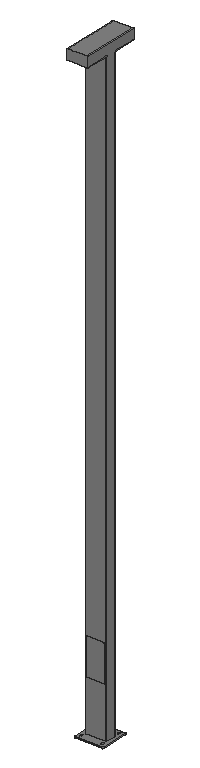
Revit family "Супремус В", category Осветительные приборы, Revit 2019 (continued)
Types (7, lengths in mm): name | Файл фотометрической сетки | built-in parameter 1150105 | Lumens | built-in parameter 1150106 | built-in parameter 1150142 | Wattage | L_общая рассеиватели | ADSK_Фактическая мощность | ADSK_Размер_Высота | ADSK_Номинальная мощность | ADSK_Наименование | ADSK_Масса_Текст | ADSK_Масса | ADSK_Артикул | 2
  ДТУ121с4 Светодиодный светильник Супремус-B ДТУ-121-AF-ДТУП1211(40Вт)+ДТУП1211(40Вт)-4,0 | "DTU-121-AF Supremus B 40W 60°x130°.ies" | 1233.9 (stored number, unit not read) | 8800 lm | 12.339 (stored number, unit not read) | "IESNA:LM-63-1995\r\n[TEST]\t\tALF\r\n[MANUFAC]\tALFRESCO\r\n[LUMCAT]\tDTU-121-AF\r\n[LUMINAIRE]\tDTU-121-AF Supremus B 40W 60°x130°\r\n[LAMP]\t\tOsram_Duris_S8\r\n[DATE]\t\t\r\n[OTHER]\t\t\r\nTILT=NONE\r\n1 3444.0 3.444 361 72 1 2 0.23 0.10 0.00\r\n1.0 1 28.0\r\n0.0 0.5 1.0 1.5 2.0 2.5 3.0 3.5 4.0 4.5 5.0 5.5 6.0 6.5 7.0 7.5 8.0 8.5 9.0 9.5 10.0 10.5 11.0 11.5 12.0 12.5 13.0 13.5 14.0 14.5\r\n 15.0 15.5 16.0 16.5 17.0 17.5 18.0 18.5 19.0 19.5 20.0 20.5 21.0 21.5 22.0 22.5 23.0 23.5 24.0 24.5 25.0 25.5 26.0 26.5 27.0 27.5\r\n 28.0 28.5 29.0 29.5 30.0 30.5 31.0 31.5 32.0 32.5 33.0 33.5 34.0 34.5 35.0 35.5 36.0 36.5 37.0 37.5 38.0 38.5 39.0 39.5 40.0 40.5\r\n 41.0 41.5 42.0 42.5 43.0 43.5 44.0 44.5 45.0 45.5 46.0 46.5 47.0 47.5 48.0 48.5 49.0 49.5 50.0 50.5 51.0 51.5 52.0 52.5 53.0 53.5\r\n 54.0 54.5 55.0 55.5 56.0 56.5 57.0 57.5 58.0 58.5 59.0 59.5 60.0 60.5 61.0 61.5 62.0 62.5 63.0 63.5 64.0 64.5 65.0 65.5 66.0 66.5\r\n 67.0 67.5 68.0 68.5 69.0 69.5 70.0 70.5 71.0 71.5 72.0 72.5 73.0 73.5 74.0 74.5 75.0 75.5 76.0 76.5 77.0 77.5 78.0 78.5 79.0 79.5\r\n 80.0 80.5 81.0 81.5 82.0 82.5 83.0 83.5 84.0 84.5 85.0 85.5 86.0 86.5 87.0 87.5 88.0 88.5 89.0 89.5 90.0 90.5 91.0 91.5 92.0 92.5\r\n 93.0 93.5 94.0 94.5 95.0 95.5 96.0 96.5 97.0 97.5 98.0 98.5 99.0 99.5 100.0 100.5 101.0 101.5 102.0 102.5 103.0 103.5 104.0 104.5\r\n 105.0 105.5 106.0 106.5 107.0 107.5 108.0 108.5 109.0 109.5 110.0 110.5 111.0 111.5 112.0 112.5 113.0 113.5 114.0 114.5 115.0\r\n 115.5 116.0 116.5 117.0 117.5 118.0 118.5 119.0 119.5 120.0 120.5 121.0 121.5 122.0 122.5 123.0 123.5 124.0 124.5 125.0 125.5\r\n 126.0 126.5 127.0 127.5 128.0 128.5 129.0 129.5 130.0 130.5 131.0 131.5 132.0 132.5 133.0 133.5 134.0 134.5 135.0 135.5 136.0\r\n 136.5 137.0 137.5 138.0 138.5 139.0 139.5 140.0 140.5 141.0 141.5 142.0 142.5 143.0 143.5 144.0 144.5 145.0 145.5 146.0 146.5\r\n 147.0 147.5 148.0 148.5 149.0 149.5 150.0 150.5 151.0 151.5 152.0 152.5 153.0 153.5 154.0 154.5 155.0 155.5 156.0 156.5 157.0\r\n 157.5 158.0 158.5 159.0 159.5 160.0 160.5 161.0 161.5 162.0 162.5 163.0 163.5 164.0 164.5 165.0 165.5 166.0 166.5 167.0 167.5\r\n 168.0 168.5 169.0 169.5 170.0 170.5 171.0 171.5 172.0 172.5 173.0 173.5 174.0 174.5 175.0 175.5 176.0 176.5 177.0 177.5 178.0\r\n 178.5 179.0 179.5 180.0\r\n0.0 5.0 10.0 15.0 20.0 25.0 30.0 35.0 40.0 45.0 50.0 55.0 60.0 65.0 70.0 75.0 80.0 85.0 90.0 95.0 100.0 105.0 110.0 115.0 120.0\r\n 125.0 130.0 135.0 140.0 145.0 150.0 155.0 160.0 165.0 170.0 175.0 180.0 185.0 190.0 195.0 200.0 205.0 210.0 215.0 220.0 225.0\r\n 230.0 235.0 240.0 245.0 250.0 255.0 260.0 265.0 270.0 275.0 280.0 285.0 290.0 295.0 300.0 305.0 310.0 315.0 320.0 325.0 330.0\r\n 335.0 340.0 345.0 350.0 355.0 360.0\r\n275.6 275.6 275.4 275.4 275.1 275.0 274.6 274.5 274.0 273.6 273.1 272.6 272.1 271.6 271.2 270.5 269.9 269.3 268.8 268.0 267.4\r\n 266.9 266.3 265.6 265.0 264.5 264.1 263.6 263.2 263.0 262.7 262.5 262.4 262.4 262.3 262.4 262.5 262.8 263.1 263.2 263.6 264.1\r\n 264.6 265.1 265.7 266.3 266.8 267.5 268.0 268.6 269.3 270.0 270.6 271.4 272.2 272.9 274.0 274.8 275.8 276.8 277.9 279.0 280.1\r\n 281.1 282.3 283.5 284.7 286.1 287.2 288.5 289.8 291.2 292.5 294.0 295.6 296.9 298.3 299.9 301.1 302.3 303.8 305.3 307.0 309.2\r\n 310.7 312.1 313.4 315.4 317.5 318.3 318.9 319.8 320.8 321.9 322.8 323.7 324.9 326.2 327.1 328.4 329.9 331.5 333.0 334.7 336.5\r\n 338.5 340.6 342.9 345.1 347.3 349.5 351.3 352.7 353.8 354.6 355.1 355.0 354.6 353.9 353.3 352.9 352.1 350.9 350.0 348.7 346.8\r\n 343.7 340.1 336.0 332.0 328.1 323.5 318.6 314.1 309.6 304.7 300.3 295.5 290.9 286.8 283.6 281.0 278.4 276.0 271.5 265.0 257.4\r\n 247.6 235.1 220.3 205.5 189.6 171.6 151.8 130.1 108.8 90.3 73.3 59.4 45.5 31.5 24.0 18.8 15.4 13.3 11.9 10.7 9.6 8.8 7.9 7.1 6.4\r\n 5.7 5.1 4.4 3.8 3.2 2.6 2.3 2.0 2.0 2.0 2.0 2.0 1.8 1.8 1.6 1.5 1.3 1.1 1.1 1.0 0.9 0.9 0.9 0.9 0.9 0.9 1.0 1.0 1.0 0.0 0.0 0.0\r\n 0.0 0.0 0.0 0.0 0.0 0.0 0.0 0.0 0.0 0.0 0.0 0.0 0.0 0.0 0.0 0.0 0.0 0.0 0.0 0.0 0.0 0.0 0.0 0.0 0.0 0.0 0.0 0.0 0.0 0.0 0.0 0.0\r\n 0.0 0.0 0.0 0.0 0.0 0.0 0.0 0.0 0.0 0.0 0.0 0.0 0.0 0.0 0.0 0.0 0.0 0.0 0.0 0.0 0.0 0.0 0.0 0.0 0.0 0.0 0.0 0.0 0.0 0.0 0.0 0.0\r\n 0.0 0.0 0.0 0.0 0.0 0.0 0.0 0.0 0.0 0.0 0.0 0.0 0.0 0.0 0.0 0.0 0.0 0.0 0.0 0.0 0.0 0.0 0.0 0.0 0.0 0.0 0.0 0.0 0.0 0.0 0.0 0.0\r\n 0.0 0.0 0.0 0.0 0.0 0.0 0.0 0.0 0.0 0.0 0.0 0.0 0.0 0.0 0.0 0.0 0.0 0.0 0.0 0.0 0.0 0.0 0.0 0.0 0.0 0.0 0.0 0.0 0.0 0.0 0.0 0.0\r\n 0.0 0.0 0.0 0.0 0.0 0.0 0.0 0.0 0.0 0.0 0.0 0.0 0.0 0.0 0.0 0.0 0.0 0.0 0.0 0.0 0.0 0.0 0.0 0.0 0.0 0.0 0.0 0.0 0.0\r\n275.6 275.8 276.0 276.1 276.0 276.0 276.0 275.8 275.6 275.4 275.2 275.0 274.6 274.4 274.0 273.7 273.1 272.7 272.5 272.2 271.6\r\n 271.3 270.9 270.4 270.1 269.8 269.6 269.5 269.4 269.3 269.3 269.3 269.5 269.6 269.9 270.2 270.3 270.5 271.1 271.7 272.2 272.8\r\n 273.5 274.2 274.8 275.5 276.2 276.9 277.6 278.4 279.1 279.8 280.4 281.3 282.1 283.0 284.0 284.8 285.9 287.0 288.1 289.3 290.2\r\n 291.4 292.5 294.0 295.3 296.4 297.8 299.2 300.5 301.9 303.5 305.3 306.9 308.6 310.5 312.2 314.0 316.1 318.2 320.4 322.7 325.4\r\n 327.9 330.2 332.3 335.0 337.3 338.6 339.9 341.3 342.8 344.4 345.3 346.3 347.8 349.5 351.3 353.4 355.6 358.0 360.0 362.1 364.4\r\n 366.6 368.9 371.0 373.3 375.5 377.8 379.6 381.5 382.8 383.9 384.9 385.4 385.3 385.1 385.1 384.7 384.1 382.7 381.0 378.8 376.3\r\n 373.0 368.5 363.7 358.7 353.8 348.2 342.3 336.7 330.6 324.5 319.0 314.1 310.2 306.7 304.3 302.4 300.6 298.2 293.4 286.7 277.8\r\n 266.5 251.9 234.3 216.2 198.9 180.1 159.7 138.7 117.6 96.5 78.5 62.9 47.8 36.5 28.1 21.8 17.8 15.1 13.2 11.7 10.5 9.5 8.6 7.6 6.8\r\n 6.1 5.5 4.9 4.5 4.0 3.5 3.0 2.5 2.3 2.2 2.0 1.9 1.7 1.6 1.5 1.4 1.2 1.0 1.0 0.9 0.8 0.8 0.8 0.9 0.9 0.9 0.9 0.9 1.0 0.0 0.0 0.0\r\n 0.0 0.0 0.0 0.0 0.0 0.0 0.0 0.0 0.0 0.0 0.0 0.0 0.0 0.0 0.0 0.0 0.0 0.0 0.0 0.0 0.0 0.0 0.0 0.0 0.0 0.0 0.0 0.0 0.0 0.0 0.0 0.0\r\n 0.0 0.0 0.0 0.0 0.0 0.0 0.0 0.0 0.0 0.0 0.0 0.0 0.0 0.0 0.0 0.0 0.0 0.0 0.0 0.0 0.0 0.0 0.0 0.0 0.0 0.0 0.0 0.0 0.0 0.0 0.0 0.0\r\n 0.0 0.0 0.0 0.0 0.0 0.0 0.0 0.0 0.0 0.0 0.0 0.0 0.0 0.0 0.0 0.0 0.0 0.0 0.0 0.0 0.0 0.0 0.0 0.0 0.0 0.0 0.0 0.0 0.0 0.0 0.0 0.0\r\n 0.0 0.0 0.0 0.0 0.0 0.0 0.0 0.0 0.0 0.0 0.0 0.0 0.0 0.0 0.0 0.0 0.0 0.0 0.0 0.0 0.0 0.0 0.0 0.0 0.0 0.0 0.0 0.0 0.0 0.0 0.0 0.0\r\n 0.0 0.0 0.0 0.0 0.0 0.0 0.0 0.0 0.0 0.0 0.0 0.0 0.0 0.0 0.0 0.0 0.0 0.0 0.0 0.0 0.0 0.0 0.0 0.0 0.0 0.0 0.0 0.0 0.0\r\n275.6 276.1 276.5 276.7 276.9 277.1 277.2 277.4 277.5 277.4 277.4 277.4 277.3 277.2 277.0 277.0 276.8 276.7 276.7 276.6 276.4\r\n 276.2 276.1 276.0 275.9 276.0 276.1 276.2 276.4 276.6 276.9 277.2 277.6 278.0 278.5 278.7 279.2 279.7 280.4 281.3 281.9 282.7\r\n 283.7 284.4 285.3 286.3 287.0 288.1 289.0 289.8 290.7 291.6 292.4 293.5 294.4 295.4 296.4 297.5 298.5 299.6 300.8 301.9 303.1\r\n 304.1 305.5 306.8 308.2 309.5 311.0 312.6 314.2 315.9 317.7 319.5 321.7 323.9 326.0 328.4 330.6 333.0 335.8 338.6 341.5 344.9\r\n 348.0 350.8 353.8 357.6 359.8 361.7 363.6 365.7 367.6 369.1 370.7 372.2 373.9 375.9 378.3 380.3 382.6 384.7 386.8 388.8 390.9\r\n 393.4 395.9 398.6 401.8 405.1 408.0 410.1 412.3 414.2 415.4 416.7 418.1 418.9 418.6 418.2 417.3 415.9 413.1 409.5 405.5 400.6\r\n 395.6 389.1 381.5 374.1 367.2 360.6 353.6 346.5 339.9 332.8 326.5 321.5 317.8 315.1 313.2 311.4 309.6 307.5 303.5 296.2 286.7\r\n 274.5 259.0 241.1 222.7 204.6 186.2 166.7 146.6 124.5 102.4 83.0 66.8 54.4 42.0 34.0 27.7 23.0 19.7 17.4 15.4 13.7 12.2 10.8 9.5\r\n 8.4 7.5 6.7 6.0 5.4 4.7 4.0 3.2 2.8 2.7 2.5 2.3 2.2 1.9 1.7 1.4 1.3 1.1 1.0 0.9 0.9 0.8 0.8 0.8 0.8 0.8 0.8 0.9 0.9 0.9 0.0 0.0\r\n 0.0 0.0 0.0 0.0 0.0 0.0 0.0 0.0 0.0 0.0 0.0 0.0 0.0 0.0 0.0 0.0 0.0 0.0 0.0 0.0 0.0 0.0 0.0 0.0 0.0 0.0 0.0 0.0 0.0 0.0 0.0 0.0\r\n 0.0 0.0 0.0 0.0 0.0 0.0 0.0 0.0 0.0 0.0 0.0 0.0 0.0 0.0 0.0 0.0 0.0 0.0 0.0 0.0 0.0 0.0 0.0 0.0 0.0 0.0 0.0 0.0 0.0 0.0 0.0 0.0\r\n 0.0 0.0 0.0 0.0 0.0 0.0 0.0 0.0 0.0 0.0 0.0 0.0 0.0 0.0 0.0 0.0 0.0 0.0 0.0 0.0 0.0 0.0 0.0 0.0 0.0 0.0 0.0 0.0 0.0 0.0 0.0 0.0\r\n 0.0 0.0 0.0 0.0 0.0 0.0 0.0 0.0 0.0 0.0 0.0 0.0 0.0 0.0 0.0 0.0 0.0 0.0 0.0 0.0 0.0 0.0 0.0 0.0 0.0 0.0 0.0 0.0 0.0 0.0 0.0 0.0\r\n 0.0 0.0 0.0 0.0 0.0 0.0 0.0 0.0 0.0 0.0 0.0 0.0 0.0 0.0 0.0 0.0 0.0 0.0 0.0 0.0 0.0 0.0 0.0 0.0 0.0 0.0 0.0 0.0 0.0 0.0\r\n275.6 276.3 276.8 277.3 277.7 278.4 278.7 279.0 279.3 279.6 279.8 280.0 280.2 280.4 280.6 280.6 280.9 281.1 281.3 281.5 281.7\r\n 281.7 282.0 282.2 282.4 282.8 283.3 283.5 284.0 284.6 285.2 285.8 286.4 287.0 287.5 288.1 288.9 289.7 290.6 291.5 292.4 293.5\r\n 294.5 295.7 296.8 298.0 299.1 300.1 301.3 302.4 303.6 304.8 306.0 306.9 308.0 309.1 310.2 311.3 312.6 313.7 314.9 315.9 317.0\r\n 318.3 319.5 320.8 322.5 324.0 325.7 327.5 329.4 331.3 333.5 335.8 338.3 341.0 343.7 346.8 349.9 352.9 356.0 359.2 362.4 365.5\r\n 369.0 372.3 375.2 379.1 381.7 383.3 385.5 387.7 389.9 392.0 394.2 396.4 399.0 402.0 404.7 407.5 410.5 413.1 415.5 418.2 420.7\r\n 423.2 425.5 427.8 430.1 433.0 435.6 437.9 439.5 441.0 442.1 442.9 443.2 443.5 443.3 442.0 439.9 436.6 432.7 427.8 422.8 416.7\r\n 409.6 401.5 392.6 382.9 372.3 362.7 353.2 344.9 336.4 327.6 319.6 313.1 308.1 304.8 301.6 298.0 295.3 293.3 290.2 285.5 278.1\r\n 268.9 257.0 241.8 225.0 207.5 190.2 174.2 157.5 137.7 117.8 98.0 80.6 66.7 54.7 44.5 36.9 30.9 26.3 23.0 20.5 18.1 16.0 14.2 12.7\r\n 11.3 10.1 8.9 7.9 6.8 5.8 5.0 4.4 3.7 3.2 2.8 2.6 2.3 2.0 1.8 1.6 1.3 1.1 0.9 0.9 0.8 0.7 0.7 0.7 0.7 0.8 0.8 0.8 0.8 0.8 0.0 0.0\r\n 0.0 0.0 0.0 0.0 0.0 0.0 0.0 0.0 0.0 0.0 0.0 0.0 0.0 0.0 0.0 0.0 0.0 0.0 0.0 0.0 0.0 0.0 0.0 0.0 0.0 0.0 0.0 0.0 0.0 0.0 0.0 0.0\r\n 0.0 0.0 0.0 0.0 0.0 0.0 0.0 0.0 0.0 0.0 0.0 0.0 0.0 0.0 0.0 0.0 0.0 0.0 0.0 0.0 0.0 0.0 0.0 0.0 0.0 0.0 0.0 0.0 0.0 0.0 0.0 0.0\r\n 0.0 0.0 0.0 0.0 0.0 0.0 0.0 0.0 0.0 0.0 0.0 0.0 0.0 0.0 0.0 0.0 0.0 0.0 0.0 0.0 0.0 0.0 0.0 0.0 0.0 0.0 0.0 0.0 0.0 0.0 0.0 0.0\r\n 0.0 0.0 0.0 0.0 0.0 0.0 0.0 0.0 0.0 0.0 0.0 0.0 0.0 0.0 0.0 0.0 0.0 0.0 0.0 0.0 0.0 0.0 0.0 0.0 0.0 0.0 0.0 0.0 0.0 0.0 0.0 0.0\r\n 0.0 0.0 0.0 0.0 0.0 0.0 0.0 0.0 0.0 0.0 0.0 0.0 0.0 0.0 0.0 0.0 0.0 0.0 0.0 0.0 0.0 0.0 0.0 0.0 0.0 0.0 0.0 0.0 0.0 0.0\r\n275.6 276.5 277.1 277.9 278.7 279.3 279.9 280.5 281.1 281.6 282.1 282.5 283.0 283.5 283.9 284.5 285.0 285.7 286.2 286.8 287.3\r\n 287.7 288.4 289.0 289.4 290.0 290.8 291.5 292.2 293.1 293.9 294.5 295.1 295.9 296.6 297.3 298.2 299.0 299.9 301.0 302.0 303.2\r\n 304.4 305.8 306.9 308.4 309.5 310.9 312.5 313.6 314.9 316.1 317.3 318.2 319.1 320.2 321.2 322.3 323.2 324.2 325.2 326.4 327.8\r\n 328.8 330.2 331.6 333.3 335.0 336.9 338.8 341.0 343.3 345.6 348.3 351.3 354.7 358.0 361.5 364.6 367.8 370.9 374.4 377.8 381.6\r\n 385.5 389.2 392.6 396.5 399.8 401.8 404.5 407.2 409.6 411.9 414.3 417.0 419.9 422.6 425.3 428.1 431.1 434.1 437.0 440.0 443.1\r\n 446.3 449.4 452.9 455.6 458.1 460.2 462.0 463.3 463.7 463.4 462.6 461.1 458.9 456.5 453.6 449.6 444.6 438.6 432.3 425.5 418.1\r\n 409.8 400.5 391.0 379.6 368.1 355.7 343.7 332.8 322.6 313.7 304.8 296.6 289.6 284.2 280.3 277.1 274.0 270.8 267.2 263.5 258.3\r\n 251.5 241.9 230.0 216.6 201.9 186.4 171.2 157.1 142.6 126.2 108.2 90.7 76.1 64.7 54.8 45.0 38.2 32.8 28.6 25.1 22.3 19.7 17.3\r\n 15.4 13.6 11.9 10.4 9.1 7.8 6.8 5.7 4.7 4.1 3.6 3.2 2.9 2.7 2.3 2.0 1.7 1.5 1.3 1.2 0.9 0.8 0.7 0.7 0.7 0.7 0.7 0.7 0.7 0.7 0.7\r\n 0.0 0.0 0.0 0.0 0.0 0.0 0.0 0.0 0.0 0.0 0.0 0.0 0.0 0.0 0.0 0.0 0.0 0.0 0.0 0.0 0.0 0.0 0.0 0.0 0.0 0.0 0.0 0.0 0.0 0.0 0.0 0.0\r\n 0.0 0.0 0.0 0.0 0.0 0.0 0.0 0.0 0.0 0.0 0.0 0.0 0.0 0.0 0.0 0.0 0.0 0.0 0.0 0.0 0.0 0.0 0.0 0.0 0.0 0.0 0.0 0.0 0.0 0.0 0.0 0.0\r\n 0.0 0.0 0.0 0.0 0.0 0.0 0.0 0.0 0.0 0.0 0.0 0.0 0.0 0.0 0.0 0.0 0.0 0.0 0.0 0.0 0.0 0.0 0.0 0.0 0.0 0.0 0.0 0.0 0.0 0.0 0.0 0.0\r\n 0.0 0.0 0.0 0.0 0.0 0.0 0.0 0.0 0.0 0.0 0.0 0.0 0.0 0.0 0.0 0.0 0.0 0.0 0.0 0.0 0.0 0.0 0.0 0.0 0.0 0.0 0.0 0.0 0.0 0.0 0.0 0.0\r\n 0.0 0.0 0.0 0.0 0.0 0.0 0.0 0.0 0.0 0.0 0.0 0.0 0.0 0.0 0.0 0.0 0.0 0.0 0.0 0.0 0.0 0.0 0.0 0.0 0.0 0.0 0.0 0.0 0.0 0.0 0.0 0.0\r\n275.6 276.8 277.7 278.6 279.6 280.4 281.3 282.3 283.0 283.9 284.7 285.5 286.3 287.1 288.0 288.9 289.8 290.8 291.8 292.5 293.3\r\n 294.1 294.9 295.9 296.6 297.5 298.2 299.1 299.9 300.9 301.7 302.5 303.2 304.0 304.8 305.6 306.5 307.3 308.3 309.4 310.5 311.6\r\n 313.1 314.2 315.5 316.7 318.1 319.2 320.7 321.9 323.1 324.3 325.3 326.3 327.4 328.3 329.1 330.1 330.9 332.0 333.0 334.1 335.5\r\n 336.7 338.1 339.5 341.2 342.8 344.8 347.1 349.4 351.9 354.6 357.6 360.8 364.0 367.0 370.3 373.8 377.5 381.5 385.2 388.9 392.5\r\n 396.3 399.9 403.7 407.6 411.2 414.3 417.3 420.5 423.1 425.7 428.1 430.6 433.8 436.9 440.2 443.8 447.1 450.6 454.2 457.3 460.4\r\n 463.4 465.7 468.6 471.4 474.0 476.3 477.9 479.0 479.3 477.8 474.9 471.3 466.5 461.7 456.5 450.4 444.2 438.4 431.7 423.9 415.8\r\n 407.8 398.9 388.6 377.5 366.1 354.0 342.0 330.3 318.1 306.5 295.8 285.8 276.5 267.0 258.7 251.0 244.9 239.2 233.6 228.2 222.4\r\n 215.5 207.3 198.4 188.9 178.9 169.1 159.2 148.6 135.9 123.3 110.6 96.7 82.9 71.7 62.1 53.2 45.6 39.2 34.1 30.0 26.5 23.4 20.8\r\n 18.3 15.7 13.8 12.1 10.7 9.4 8.0 7.0 6.2 5.1 4.2 3.5 3.2 3.0 2.6 2.2 2.0 1.8 1.6 1.4 1.2 1.1 0.9 0.7 0.6 0.6 0.6 0.6 0.6 0.7 0.7\r\n 0.0 0.0 0.0 0.0 0.0 0.0 0.0 0.0 0.0 0.0 0.0 0.0 0.0 0.0 0.0 0.0 0.0 0.0 0.0 0.0 0.0 0.0 0.0 0.0 0.0 0.0 0.0 0.0 0.0 0.0 0.0 0.0\r\n 0.0 0.0 0.0 0.0 0.0 0.0 0.0 0.0 0.0 0.0 0.0 0.0 0.0 0.0 0.0 0.0 0.0 0.0 0.0 0.0 0.0 0.0 0.0 0.0 0.0 0.0 0.0 0.0 0.0 0.0 0.0 0.0\r\n 0.0 0.0 0.0 0.0 0.0 0.0 0.0 0.0 0.0 0.0 0.0 0.0 0.0 0.0 0.0 0.0 0.0 0.0 0.0 0.0 0.0 0.0 0.0 0.0 0.0 0.0 0.0 0.0 0.0 0.0 0.0 0.0\r\n 0.0 0.0 0.0 0.0 0.0 0.0 0.0 0.0 0.0 0.0 0.0 0.0 0.0 0.0 0.0 0.0 0.0 0.0 0.0 0.0 0.0 0.0 0.0 0.0 0.0 0.0 0.0 0.0 0.0 0.0 0.0 0.0\r\n 0.0 0.0 0.0 0.0 0.0 0.0 0.0 0.0 0.0 0.0 0.0 0.0 0.0 0.0 0.0 0.0 0.0 0.0 0.0 0.0 0.0 0.0 0.0 0.0 0.0 0.0 0.0 0.0 0.0 0.0 0.0 0.0\r\n275.6 276.9 278.1 279.3 280.4 281.6 282.6 283.9 285.1 286.2 287.2 288.6 289.6 290.9 292.1 293.5 294.5 295.9 297.0 298.0 298.9\r\n 300.1 301.1 302.1 303.0 303.8 304.7 305.8 306.9 307.7 308.6 309.4 310.2 311.1 311.7 312.4 313.3 314.1 315.2 316.3 317.5 318.7\r\n 320.0 321.4 322.9 324.0 325.4 326.6 327.8 328.8 329.8 330.7 331.5 332.4 333.2 334.0 335.0 335.6 336.4 337.7 338.3 339.4 340.6\r\n 341.8 343.0 344.5 345.9 347.8 349.7 352.1 354.5 357.1 360.0 363.2 366.4 369.5 372.7 375.8 379.2 382.5 386.2 389.8 392.9 396.3\r\n 399.6 403.4 407.6 412.4 416.8 420.7 424.4 428.7 432.0 434.6 437.4 440.2 443.4 447.0 451.0 454.6 458.2 461.2 464.1 467.4 470.9\r\n 474.5 477.9 480.3 482.1 482.9 482.6 481.5 480.4 479.0 476.8 473.5 469.4 464.3 458.9 453.1 447.3 440.2 432.1 424.6 416.8 408.5\r\n 399.1 389.3 379.7 369.3 358.1 346.1 333.5 321.0 308.5 295.5 282.5 270.1 257.5 244.9 232.9 221.4 209.8 198.6 188.4 180.3 172.3\r\n 164.8 157.7 151.2 144.3 136.7 128.2 119.8 111.6 103.1 94.0 84.8 75.9 67.6 60.5 53.6 47.1 41.0 35.9 31.7 28.0 24.8 21.9 19.5 17.1\r\n 14.9 13.0 11.4 10.0 8.6 7.6 6.8 6.1 5.2 4.5 4.1 3.8 3.5 3.1 2.7 2.4 2.1 2.0 1.7 1.5 1.2 1.0 0.9 0.8 0.7 0.6 0.5 0.4 0.3 0.1 0.0\r\n 0.0 0.0 0.0 0.0 0.0 0.0 0.0 0.0 0.0 0.0 0.0 0.0 0.0 0.0 0.0 0.0 0.0 0.0 0.0 0.0 0.0 0.0 0.0 0.0 0.0 0.0 0.0 0.0 0.0 0.0 0.0 0.0\r\n 0.0 0.0 0.0 0.0 0.0 0.0 0.0 0.0 0.0 0.0 0.0 0.0 0.0 0.0 0.0 0.0 0.0 0.0 0.0 0.0 0.0 0.0 0.0 0.0 0.0 0.0 0.0 0.0 0.0 0.0 0.0 0.0\r\n 0.0 0.0 0.0 0.0 0.0 0.0 0.0 0.0 0.0 0.0 0.0 0.0 0.0 0.0 0.0 0.0 0.0 0.0 0.0 0.0 0.0 0.0 0.0 0.0 0.0 0.0 0.0 0.0 0.0 0.0 0.0 0.0\r\n 0.0 0.0 0.0 0.0 0.0 0.0 0.0 0.0 0.0 0.0 0.0 0.0 0.0 0.0 0.0 0.0 0.0 0.0 0.0 0.0 0.0 0.0 0.0 0.0 0.0 0.0 0.0 0.0 0.0 0.0 0.0 0.0\r\n 0.0 0.0 0.0 0.0 0.0 0.0 0.0 0.0 0.0 0.0 0.0 0.0 0.0 0.0 0.0 0.0 0.0 0.0 0.0 0.0 0.0 0.0 0.0 0.0 0.0 0.0 0.0 0.0 0.0 0.0 0.0\r\n275.6 277.0 278.4 279.8 281.3 282.5 284.0 285.3 286.9 288.4 289.8 291.3 293.1 294.4 296.1 297.6 299.3 300.6 301.8 303.1 304.3\r\n 305.4 306.5 307.7 308.6 309.5 310.5 311.6 312.7 313.5 314.2 315.0 316.1 317.0 318.0 319.1 320.3 321.4 322.7 323.3 324.3 325.4\r\n 326.1 327.0 327.9 328.9 330.0 330.9 332.0 332.9 333.5 334.5 335
